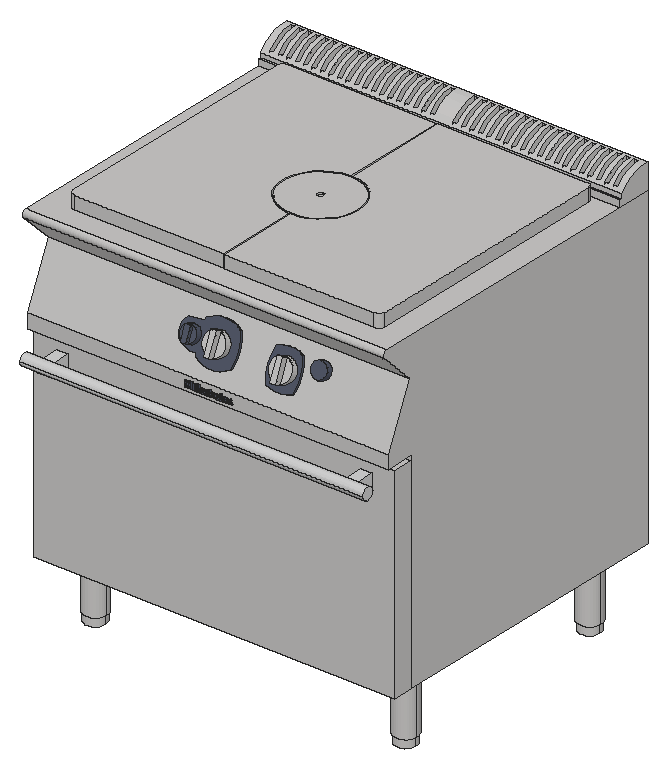
Revit family "QF_ELECTROLUXPROFESSIONAL_371008_E7STGH10G0", category Specialty Equipment, Revit 2018 (continued)
Automatic sketch dimensions
  Extrusion 10 sketch curve to Extrusion 10 sketch curve = 0.822 mm
  Extrusion 10 sketch curve to Extrusion 10 sketch curve = 0.069 mm
  Extrusion 10 sketch curve to Extrusion 10 sketch curve = 1.88 mm
  plane 7 "Center Y" to Extrusion 10 sketch curve = 35.269 mm
  Extrusion 10 sketch curve to Extrusion 10 sketch curve = 0.42 mm
  Extrusion 10 sketch curve to Extrusion 10 sketch curve = 0.062 mm
  Extrusion 10 sketch curve to Extrusion 10 sketch curve = 1.355 mm
  Extrusion 10 sketch curve to Extrusion 10 sketch curve = 2.34 mm
  Extrusion 10 sketch curve to Extrusion 10 sketch curve = 0.493 mm
  Extrusion 10 sketch curve to Extrusion 10 sketch curve = 0.136 mm
  Extrusion 10 sketch curve to Extrusion 10 sketch curve = 0.128 mm
  Extrusion 10 sketch curve to Extrusion 10 sketch curve = 3.616 mm
  Extrusion 10 sketch curve to Extrusion 10 sketch curve = 4.207 mm
  Extrusion 10 sketch curve to Extrusion 10 sketch curve = 0.183 mm
  Extrusion 10 sketch curve to Extrusion 10 sketch curve = 0.895 mm
  Extrusion 10 sketch curve to Extrusion 10 sketch curve = 1.314 mm
  Extrusion 10 sketch curve to Extrusion 10 sketch curve = 3.231 mm
  Extrusion 10 sketch curve to plane 7 "Center Y" = 23.526 mm
  Extrusion 10 sketch curve to Extrusion 10 sketch curve = 1.299 mm
  Extrusion 10 sketch curve to Extrusion 10 sketch curve = 1.214 mm
  plane 7 "Center Y" to Extrusion 10 sketch curve = 26.369 mm
  Extrusion 10 sketch curve to Extrusion 10 sketch curve = 1.264 mm
  Extrusion 10 sketch curve to Extrusion 10 sketch curve = 0.109 mm
  Extrusion 10 sketch curve to Extrusion 10 sketch curve = 0.357 mm
  Extrusion 10 sketch curve to Extrusion 10 sketch curve = 0.565 mm
  Extrusion 10 sketch curve to Extrusion 10 sketch curve = 2.504 mm
  Extrusion 10 sketch curve to Extrusion 10 sketch curve = 2.459 mm
  Extrusion 10 sketch curve to Extrusion 10 sketch curve = 0.983 mm
  Extrusion 10 sketch curve to Extrusion 10 sketch curve = 0.422 mm  (x2)
  Extrusion 10 sketch curve to Extrusion 10 sketch curve = 1.268 mm
  Extrusion 10 sketch curve to Extrusion 10 sketch curve = 0.671 mm
  Extrusion 10 sketch curve to Extrusion 10 sketch curve = 1.634 mm
  Extrusion 10 sketch curve to Extrusion 10 sketch curve = 0.132 mm
  Extrusion 10 sketch curve to Extrusion 10 sketch curve = 0.586 mm
  Extrusion 10 sketch curve to Extrusion 10 sketch curve = 1.241 mm
  Extrusion 10 sketch curve to Extrusion 10 sketch curve = 1.689 mm
  Extrusion 10 sketch curve to Extrusion 10 sketch curve = 0.627 mm
  Extrusion 10 sketch curve to Extrusion 10 sketch curve = 0.419 mm
  Extrusion 10 sketch curve to Extrusion 10 sketch curve = 1.514 mm
  Extrusion 10 sketch curve to Extrusion 10 sketch curve = 1.019 mm
  Extrusion 10 sketch curve to Extrusion 10 sketch curve = 0.065 mm
  Extrusion 10 sketch curve to Extrusion 10 sketch curve = 1.215 mm
  Extrusion 10 sketch curve to Extrusion 10 sketch curve = 1.122 mm
  Extrusion 10 sketch curve to Extrusion 10 sketch curve = 1.153 mm
  Extrusion 10 sketch curve to Extrusion 10 sketch curve = 1.223 mm
  Extrusion 10 sketch curve to Extrusion 10 sketch curve = 0.934 mm
  Extrusion 10 sketch curve to Extrusion 10 sketch curve = 3.376 mm
  Extrusion 10 sketch curve to Extrusion 10 sketch curve = 0.222 mm
  Extrusion 10 sketch curve to Extrusion 10 sketch curve = 1.383 mm
  Extrusion 10 sketch curve to Extrusion 10 sketch curve = 1.556 mm
  Extrusion 10 sketch curve to Extrusion 10 sketch curve = 2.559 mm
  Extrusion 10 sketch curve to Extrusion 10 sketch curve = 2.51 mm
  Extrusion 10 sketch curve to Extrusion 10 sketch curve = 0.131 mm
  Extrusion 10 sketch curve to Extrusion 10 sketch curve = 1.134 mm
  Extrusion 10 sketch curve to Extrusion 10 sketch curve = 0.094 mm
  Extrusion 10 sketch curve to Extrusion 10 sketch curve = 1.584 mm
  Extrusion 10 sketch curve to Extrusion 10 sketch curve = 0.27 mm
  Extrusion 10 sketch curve to Extrusion 10 sketch curve = 0.916 mm
  Extrusion 10 sketch curve to Extrusion 10 sketch curve = 0.352 mm
  Extrusion 10 sketch curve to Extrusion 10 sketch curve = 0.458 mm
  Extrusion 10 sketch curve to Extrusion 10 sketch curve = 1.282 mm
  Extrusion 10 sketch curve to Extrusion 10 sketch curve = 1.363 mm
  Extrusion 10 sketch curve to Extrusion 10 sketch curve = 0.685 mm
  Extrusion 10 sketch curve to Extrusion 10 sketch curve = 0.905 mm
  Extrusion 10 sketch curve to Extrusion 10 sketch curve = 1.477 mm
  Extrusion 10 sketch curve to Extrusion 10 sketch curve = 0.472 mm
  Extrusion 10 sketch curve to Extrusion 10 sketch curve = 0.101 mm
  Extrusion 10 sketch curve to Extrusion 10 sketch curve = 0.54 mm
  Extrusion 10 sketch curve to Extrusion 10 sketch curve = 0.02 mm
  Extrusion 10 sketch curve to Extrusion 10 sketch curve = 0.829 mm
  Extrusion 10 sketch curve to Extrusion 10 sketch curve = 0.582 mm
  Extrusion 10 sketch curve to Extrusion 10 sketch curve = 0.166 mm
  Extrusion 10 sketch curve to Extrusion 10 sketch curve = 0.16 mm
  Extrusion 10 sketch curve to Extrusion 10 sketch curve = 1.118 mm
  Extrusion 10 sketch curve to Extrusion 10 sketch curve = 0.613 mm
  Extrusion 10 sketch curve to Extrusion 10 sketch curve = 0.781 mm
  Extrusion 10 sketch curve to Extrusion 10 sketch curve = 0.361 mm
  Extrusion 10 sketch curve to Extrusion 10 sketch curve = 0.897 mm
  Extrusion 10 sketch curve to Extrusion 10 sketch curve = 0.167 mm
  Extrusion 10 sketch curve to Extrusion 10 sketch curve = 0.292 mm
  Extrusion 10 sketch curve to Extrusion 10 sketch curve = 0.305 mm
  Extrusion 10 sketch curve to Extrusion 10 sketch curve = 1.557 mm
  Extrusion 10 sketch curve to Extrusion 10 sketch curve = 2.499 mm
  Extrusion 10 sketch curve to Extrusion 10 sketch curve = 3.062 mm
  Extrusion 10 sketch curve to Extrusion 10 sketch curve = 2.968 mm
  Extrusion 10 sketch curve to Extrusion 10 sketch curve = 5.044 mm
  Extrusion 10 sketch curve to Extrusion 10 sketch curve = 0.629 mm  (x2)
  Extrusion 10 sketch curve to Extrusion 10 sketch curve = 1.131 mm
  Extrusion 10 sketch curve to Extrusion 10 sketch curve = 0.137 mm
  Extrusion 10 sketch curve to Extrusion 10 sketch curve = 0.027 mm
  Extrusion 10 sketch curve to Extrusion 10 sketch curve = 2.046 mm
  Extrusion 10 sketch curve to Extrusion 10 sketch curve = 2.235 mm
  Extrusion 11 sketch curve to plane 10 = 0 mm
  Extrusion 11 sketch curve to plane 1 "BACK" = 0 mm
  plane 10 to Extrusion 11 sketch curve = 14.288 mm
  Extrusion 11 sketch curve to Extrusion 11 sketch curve = 76.2 mm
  Extrusion 12 sketch curve to plane 4 "RIGHT" = 14.847 mm
  Extrusion 12 sketch curve to Extrusion 12 sketch curve = 9.296 mm  (x40)
  Extrusion 12 sketch curve to Extrusion 12 sketch curve = 9.397 mm  (x38)
  Extrusion 12 sketch curve to plane 7 "Center Y" = 20.698 mm
  plane 1 "BACK" to Extrusion 12 sketch curve = 6.761 mm  (x40)
  Extrusion 12 sketch curve to Extrusion 12 sketch curve = 57.15 mm  (x2)
  Extrusion 12 sketch curve to Extrusion 12 sketch curve = 0 mm  (x38)
  Extrusion 13 sketch curve to plane 1 "BACK" = 0 mm
  Extrusion 13 sketch curve to plane 6 "TOP" = 0 mm
  plane 1 "BACK" to Extrusion 13 sketch curve = 1.769 mm
  plane 10 to Extrusion 13 sketch curve = 23.812 mm
  plane 1 "BACK" to Extrusion 13 sketch curve = 69.85 mm
  plane 10 to Extrusion 13 sketch curve = 14.288 mm
  Extrusion 15 sketch curve to Extrusion 15 sketch curve = 0 mm  (x2)
  Extrusion 15 sketch curve to Extrusion 5 = 323.5 mm
  Extrusion 15 sketch curve to Extrusion 15 sketch curve = 7 mm
  Extrusion 5 to Extrusion 15 sketch curve = 400 mm
  plane 7 "Center Y" to Extrusion 16 sketch curve = 117.596 mm
  Extrusion 16 sketch curve to Extrusion 16 sketch curve = 0 mm
  Extrusion 16 sketch curve to Extrusion 16 sketch curve = 12.3 mm  (x3)
  Extrusion 16 sketch curve to Extrusion 16 sketch curve = 34.925 mm  (x2)
  Extrusion 16 sketch curve to Extrusion 16 sketch curve = 46.691 mm
  Extrusion 16 sketch curve to Extrusion 16 sketch curve = 0.617 mm
  Extrusion 16 sketch curve to Extrusion 16 sketch curve = 28.57 mm
  Extrusion 16 sketch curve to Extrusion 16 sketch curve = 29.185 mm
  Extrusion 18 sketch curve to Extrusion 18 sketch curve = 24.732 mm
  Extrusion 18 sketch curve to Extrusion 18 sketch curve = 0 mm
  Extrusion 19 sketch curve to plane 4 "RIGHT" = 177.817 mm
  Extrusion 20 sketch curve to Extrusion 20 sketch curve = 0 mm  (x2)
  Extrusion 20 sketch curve to plane 7 "Center Y" = 31.641 mm
  Extrusion 20 sketch curve to plane 7 "Center Y" = 38.597 mm
  Extrusion 20 sketch curve to Extrusion 20 sketch curve = 112.63 mm
  plane 7 "Center Y" to Extrusion 20 sketch curve = 39.16 mm
  Extrusion 20 sketch curve to Extrusion 20 sketch curve = 1.398 mm
  Extrusion 20 sketch curve to Extrusion 20 sketch curve = 5.918 mm
  Extrusion 20 sketch curve to Extrusion 20 sketch curve = 7.825 mm
  Extrusion 20 sketch curve to plane 7 "Center Y" = 0.67 mm
  Extrusion 20 sketch curve to Extrusion 20 sketch curve = 12.433 mm
  Extrusion 20 sketch curve to Extrusion 20 sketch curve = 33.329 mm
  Extrusion 20 sketch curve to Extrusion 20 sketch curve = 28.808 mm
  Extrusion 20 sketch curve to Extrusion 20 sketch curve = 2.986 mm
  Extrusion 20 sketch curve to plane 7 "Center Y" = 0.673 mm
  Extrusion 20 sketch curve to Extrusion 20 sketch curve = 23.969 mm
  Extrusion 20 sketch curve to Extrusion 20 sketch curve = 31.993 mm
  Extrusion 20 sketch curve to Extrusion 20 sketch curve = 0.131 mm
  Extrusion 20 sketch curve to Extrusion 20 sketch curve = 36.738 mm
  Extrusion 20 sketch curve to Extrusion 20 sketch curve = 6.105 mm
  Extrusion 20 sketch curve to Extrusion 20 sketch curve = 6.427 mm
  Extrusion 20 sketch curve to Extrusion 20 sketch curve = 7.848 mm
  Extrusion 20 sketch curve to Extrusion 20 sketch curve = 11.842 mm
  Extrusion 22 sketch curve to Extrusion 22 sketch curve = 24.732 mm
  Extrusion 22 sketch curve to Extrusion 22 sketch curve = 0 mm
  Extrusion 24 sketch curve to Extrusion 24 sketch curve = 17.5 mm
  Extrusion 24 sketch curve to Extrusion 24 sketch curve = 0 mm  (x2)
  Extrusion 24 sketch curve to Extrusion 24 sketch curve = 24.732 mm
  Extrusion 24 sketch curve to Extrusion 24 sketch curve = 7.232 mm
  Extrusion 24 sketch curve to Extrusion 24 sketch curve = 5.786 mm
  Extrusion 25 sketch curve to plane 4 "RIGHT" = 52.388 mm
  Extrusion 25 sketch curve to plane 8 "Center X" = 114 mm
  Extrusion 26 sketch curve to plane 12 = 0 mm
  Extrusion 26 sketch curve to plane 5 "FRONT" = 0 mm
  Extrusion 26 sketch curve to plane 9 "Base" = 0 mm
  Extrusion 26 sketch curve to plane 5 "FRONT" = 44.603 mm
  plane 11 to Extrusion 27 sketch curve = 0 mm  (x2)
  Extrusion 27 sketch curve to plane 3 "LEFT" = 0 mm
  plane 1 "BACK" to Extrusion 27 sketch curve = 0 mm
  Extrusion 27 sketch curve to plane 4 "RIGHT" = 0 mm
  Extrusion 27 sketch curve to plane 3 "LEFT" = 150 mm
  plane 4 "RIGHT" to Extrusion 27 sketch curve = 150 mm
  Extrusion 27 sketch curve to plane 1 "BACK" = 150 mm
  curve 22 to curve 24 = 0 mm
  curve 23 to curve 24 = 0 mm
  plane 11 to curve 192 = 0 mm
  curve 2 to plane 4 "RIGHT" = 0 mm
  curve 4 to plane 4 "RIGHT" = 0 mm
  curve 25 to plane 7 "Center Y" = 0 mm
  curve 26 to plane 3 "LEFT" = 0 mm
  curve 1 to plane 3 "LEFT" = 0 mm
  plane 11 to curve 190 = 0 mm
  plane 1 "BACK" to curve 29 = 0 mm
  plane 11 to curve 28 = 0 mm
  plane 12 to curve 2 = 0 mm
  curve 192 to curve 3 = 150 mm
  plane 1 "BACK" to curve 161 = 6.761 mm
  curve 161 to plane 4 "RIGHT" = 14.847 mm
  curve 158 to curve 160 = 9.296 mm
  curve 159 to curve 163 = 9.397 mm
  curve 162 to curve 164 = 9.296 mm
  curve 164 to curve 169 = 9.397 mm
  curve 14 to plane 4 "RIGHT" = 55 mm
  curve 166 to curve 167 = 9.296 mm
  curve 21 to curve 21 = 12.7 mm
  curve 15 to curve 15 = 12.7 mm
  curve 167 to curve 170 = 9.397 mm
  curve 170 to curve 172 = 9.296 mm
  curve 172 to curve 174 = 9.397 mm
  curve 174 to curve 177 = 9.296 mm
  curve 176 to curve 181 = 9.397 mm
  curve 178 to curve 180 = 9.296 mm
  curve 179 to curve 182 = 9.397 mm
  curve 182 to curve 184 = 9.296 mm
  curve 184 to curve 189 = 9.397 mm
  curve 186 to curve 189 = 9.296 mm
  curve 188 to curve 114 = 9.397 mm
  curve 114 to curve 116 = 9.296 mm
  curve 116 to curve 118 = 9.397 mm
  curve 118 to curve 120 = 9.296 mm
  curve 120 to curve 122 = 9.397 mm
  curve 122 to curve 124 = 9.296 mm
  curve 124 to curve 126 = 9.397 mm
  curve 126 to curve 127 = 9.296 mm
  curve 128 to curve 130 = 9.397 mm
  curve 130 to curve 132 = 9.296 mm
  curve 131 to curve 134 = 9.397 mm
  curve 134 to curve 136 = 9.296 mm
  curve 136 to curve 138 = 9.397 mm
  curve 138 to curve 141 = 9.296 mm
  curve 139 to curve 142 = 9.397 mm
  curve 142 to curve 143 = 9.296 mm
  curve 143 to curve 147 = 9.397 mm
  curve 146 to curve 147 = 9.296 mm
  curve 148 to curve 153 = 9.397 mm
  curve 150 to curve 152 = 9.296 mm
  curve 152 to curve 154 = 9.397 mm
  curve 154 to curve 156 = 9.296 mm
  curve 156 to curve 38 = 9.397 mm
  curve 38 to curve 40 = 9.296 mm
  plane 7 "Center Y" to curve 17 = 1.528 mm
  plane 7 "Center Y" to curve 20 = 1.289 mm
  plane 7 "Center Y" to curve 10 = 0.283 mm
  curve 18 to plane 7 "Center Y" = 0.04 mm
  curve 10 to plane 7 "Center Y" = 1.429 mm
  curve 8 to plane 7 "Center Y" = 1.587 mm
  plane 1 "BACK" to curve 34 = 6.761 mm
  curve 34 to plane 7 "Center Y" = 20.698 mm
  curve 34 to curve 37 = 9.296 mm
  curve 35 to curve 42 = 9.397 mm
  curve 42 to curve 44 = 9.296 mm
  curve 43 to curve 46 = 9.397 mm
  curve 46 to curve 48 = 9.296 mm
  curve 47 to curve 50 = 9.397 mm
  curve 50 to curve 52 = 9.296 mm
  curve 52 to curve 54 = 9.397 mm
  curve 54 to curve 55 = 9.296 mm
  curve 55 to curve 58 = 9.397 mm
  curve 58 to curve 59 = 9.296 mm
  curve 60 to curve 62 = 9.397 mm
  curve 62 to curve 64 = 9.296 mm
  curve 63 to curve 66 = 9.397 mm
  curve 66 to curve 68 = 9.296 mm
  curve 67 to curve 70 = 9.397 mm
  curve 70 to curve 72 = 9.296 mm
  curve 71 to curve 74 = 9.397 mm
  curve 74 to curve 76 = 9.296 mm
  curve 75 to curve 79 = 9.397 mm
  curve 78 to curve 79 = 9.296 mm
  curve 79 to curve 83 = 9.397 mm
  curve 82 to curve 84 = 9.296 mm
  curve 84 to curve 86 = 9.397 mm
  curve 86 to curve 87 = 9.296 mm
  curve 87 to curve 90 = 9.397 mm
  curve 90 to curve 92 = 9.296 mm
  curve 91 to curve 94 = 9.397 mm
  curve 94 to curve 95 = 9.296 mm
  curve 96 to curve 98 = 9.397 mm
  curve 98 to curve 100 = 9.296 mm
  curve 100 to curve 102 = 9.397 mm
  curve 102 to curve 105 = 9.296 mm
  curve 103 to curve 13 = 3.225 mm
  curve 7 to plane 5 "FRONT" = 27.7 mm
  plane 3 "LEFT" to curve 7 = 67.7 mm
  curve 104 to curve 109 = 9.397 mm
  curve 7 to curve 7 = 12.7 mm
  curve 106 to curve 108 = 9.296 mm
  curve 108 to curve 110 = 9.397 mm
  curve 110 to curve 111 = 9.296 mm
  curve 111 to curve 31 = 9.397 mm
  curve 30 to curve 33 = 9.296 mm
  curve 190 to plane 3 "LEFT" = 150 mm
  curve 190 to plane 1 "BACK" = 150 mm
  plane 1 "BACK" to curve 186 = 6.761 mm
  plane 1 "BACK" to curve 185 = 6.761 mm
  plane 1 "BACK" to curve 181 = 6.761 mm
  plane 1 "BACK" to curve 177 = 6.761 mm
  plane 1 "BACK" to curve 173 = 6.761 mm
  plane 1 "BACK" to curve 169 = 6.761 mm
  plane 1 "BACK" to curve 165 = 6.761 mm
  plane 1 "BACK" to curve 157 = 6.761 mm
  plane 1 "BACK" to curve 153 = 6.761 mm
  plane 1 "BACK" to curve 149 = 6.761 mm
  plane 1 "BACK" to curve 145 = 6.761 mm
  plane 1 "BACK" to curve 141 = 6.761 mm
  plane 1 "BACK" to curve 137 = 6.761 mm
  plane 1 "BACK" to curve 133 = 6.761 mm
  plane 1 "BACK" to curve 93 = 6.761 mm
  plane 1 "BACK" to curve 30 = 6.761 mm
  plane 1 "BACK" to curve 129 = 6.761 mm
  plane 1 "BACK" to curve 125 = 6.761 mm
  plane 1 "BACK" to curve 38 = 6.761 mm
  plane 1 "BACK" to curve 121 = 6.761 mm
  plane 1 "BACK" to curve 42 = 6.761 mm
  plane 1 "BACK" to curve 117 = 6.761 mm
  plane 1 "BACK" to curve 46 = 6.761 mm
  plane 1 "BACK" to curve 113 = 6.761 mm
  plane 1 "BACK" to curve 50 = 6.761 mm
  plane 1 "BACK" to curve 109 = 6.761 mm
  plane 1 "BACK" to curve 54 = 6.761 mm
  plane 1 "BACK" to curve 105 = 6.761 mm
  plane 1 "BACK" to curve 58 = 6.761 mm
  plane 1 "BACK" to curve 101 = 6.761 mm
  plane 1 "BACK" to curve 62 = 6.761 mm
  plane 1 "BACK" to curve 97 = 6.761 mm
  plane 1 "BACK" to curve 66 = 6.761 mm
  plane 1 "BACK" to curve 70 = 6.761 mm
  plane 1 "BACK" to curve 89 = 6.761 mm
  plane 1 "BACK" to curve 74 = 6.761 mm
  plane 1 "BACK" to curve 85 = 6.761 mm
  plane 1 "BACK" to curve 78 = 6.761 mm
  curve 80 to curve 80 = 57.15 mm
  curve 78 to curve 76 = 0 mm
  curve 82 to curve 79 = 0 mm
  curve 74 to curve 72 = 0 mm
  curve 86 to curve 83 = 0 mm
  curve 70 to curve 68 = 0 mm
  curve 90 to curve 87 = 0 mm
  curve 66 to curve 64 = 0 mm
  curve 188 to curve 188 = 57.15 mm
  curve 95 to curve 91 = 0 mm
  curve 62 to curve 60 = 0 mm
  curve 98 to curve 95 = 0 mm
  curve 58 to curve 56 = 0 mm
  curve 102 to curve 99 = 0 mm
  curve 54 to curve 52 = 0 mm
  curve 106 to curve 103 = 0 mm
  curve 50 to curve 48 = 0 mm
  curve 110 to curve 107 = 0 mm
  curve 46 to curve 44 = 0 mm
  curve 114 to curve 187 = 0 mm
  curve 40 to curve 40 = 57.15 mm
  curve 118 to curve 115 = 0 mm
  curve 42 to curve 36 = 0 mm
  curve 122 to curve 119 = 0 mm
  curve 32 to curve 111 = 0 mm
  curve 126 to curve 123 = 0 mm
  curve 130 to curve 127 = 0 mm
  curve 186 to curve 184 = 0 mm
  curve 134 to curve 131 = 0 mm
  curve 182 to curve 180 = 0 mm
  curve 138 to curve 135 = 0 mm
  curve 178 to curve 176 = 0 mm
  curve 142 to curve 139 = 0 mm
  curve 174 to curve 172 = 0 mm
  curve 146 to curve 143 = 0 mm
  curve 170 to curve 168 = 0 mm
  curve 150 to curve 147 = 0 mm
  curve 166 to curve 164 = 0 mm
  curve 154 to curve 151 = 0 mm
  curve 162 to curve 160 = 0 mm
  curve 31 to curve 26 = 5.939 mm
  curve 26 to curve 27 = 6.35 mm
  curve 167 to curve 15 = 18.389 mm
  curve 11 to curve 16 = 0 mm
  plane 8 "Center X" to curve 10 = 30.481 mm
  curve 17 to curve 11 = 0.006 mm
  curve 11 to curve 23 = 2.881 mm
  curve 25 to plane 8 "Center X" = 48 mm
  curve 24 to curve 10 = 6.999 mm
  curve 10 to curve 23 = 0.001 mm
  curve 18 to curve 22 = 0.001 mm
  curve 21 to plane 5 "FRONT" = 40.4 mm
  Extrusion 14 sketch curve to Extrusion 14 sketch curve = 0 mm  (x4)
  Extrusion 14 sketch curve to Extrusion 14 sketch curve = 0.001 mm  (x2)
  Extrusion 14 sketch curve to Extrusion 14 sketch curve = 0.283 mm
  Extrusion 14 sketch curve to Extrusion 5 = 82.3 mm
  Extrusion 14 sketch curve to Extrusion 14 sketch curve = 12.7 mm  (x3)
  Extrusion 14 sketch curve to Extrusion 14 sketch curve = 237.219 mm
  Extrusion 14 sketch curve to Extrusion 14 sketch curve = 0.017 mm
  Extrusion 14 sketch curve to Extrusion 5 = 61.9 mm  (x2)
  Extrusion 5 to Extrusion 14 sketch curve = 55 mm
  Extrusion 14 sketch curve to Extrusion 14 sketch curve = 330.713 mm
  Extrusion 14 sketch curve to Extrusion 14 sketch curve = 1.587 mm
  Extrusion 14 sketch curve to Extrusion 14 sketch curve = 2.634 mm
  Extrusion 14 sketch curve to Extrusion 14 sketch curve = 2.956 mm
  Extrusion 5 to Extrusion 14 sketch curve = 67.7 mm
  Extrusion 14 sketch curve to Extrusion 14 sketch curve = 0.006 mm
  Extrusion 14 sketch curve to Extrusion 14 sketch curve = 0.04 mm
  Extrusion 14 sketch curve to Extrusion 14 sketch curve = 85.475 mm
  plane 11 to curve 197 = 0 mm
  plane 11 to curve 198 = 0 mm
  plane 11 to curve 199 = 0 mm
  plane 11 to curve 200 = 0 mm
  plane 3 "LEFT" to curve 195 = 19.875 mm
  curve 194 to curve 197 = 30.925 mm
  curve 197 to curve 198 = 25.4 mm
  curve 199 to plane 4 "RIGHT" = 76.2 mm
  curve 199 to curve 200 = 25.4 mm
  curve 195 to plane 4 "RIGHT" = 19.875 mm
  curve 193 to curve 194 = 25.4 mm
  curve 200 to curve 200 = 7.049 mm
  radius of Extrusion 9 sketch curve = 12.7 mm
  radius of Extrusion 17 sketch curve = 25.4 mm
  radius of Extrusion 18 sketch curve to Extrusion 17 = 0 mm  (x2)
  radius of Extrusion 19 sketch curve = 17.78 mm
  radius of Extrusion 21 sketch curve = 25.4 mm
  radius of Extrusion 22 sketch curve to Extrusion 21 = 0 mm  (x2)
  radius of Extrusion 23 sketch curve = 18.37 mm
  radius of Extrusion 25 sketch curve = 6.35 mm
  radius of Extrusion 14 sketch curve = 82.6 mm
  radius of Extrusion 14 sketch curve = 7 mm
Connectors
  piping at (747.613, -464, 141.185), diameter 12.8
    settings: on Extrusion 25, index 1, connector inside diameter 0.50394", connector length 0 mm, flow factor 0, pipe flow 0 GPM, pressure drop 0.00 psi, fitting loss kfactor 0, connector angle 0.00°, fixture units 0, engagement length 0 mm, angle of deflection 0.00°, flow configuration 1, flow direction 1, fitting loss method 0, system type 7, joint type 0, gender type 0, connector reference index -1, connector utility 0, adjustable connector no, is connector primary yes, connector description "Gas Inlet"
